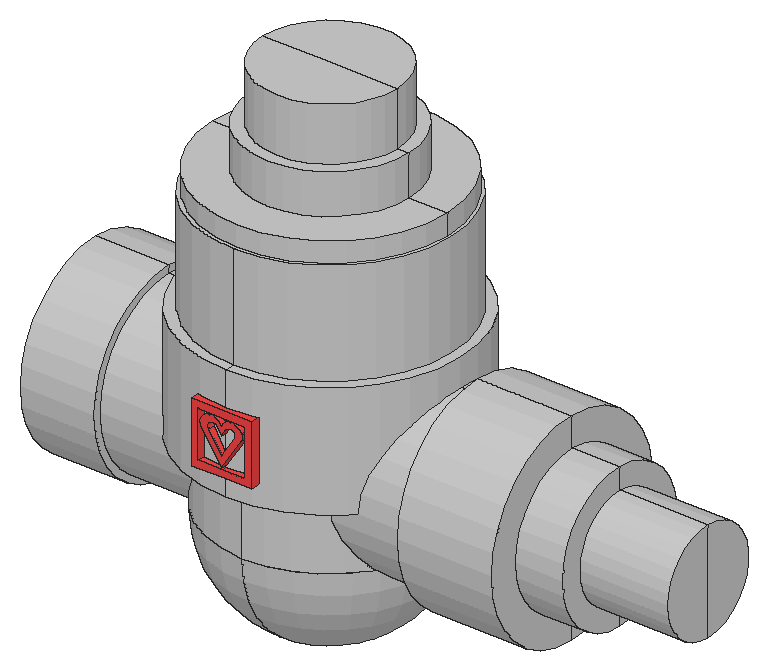
Revit family "RL-1-E Rücklaufventil DG 3723", category Rohrzubehör, Revit 2019
Family settings
  Bemaßung runder Anschluss = Durchmesser verwenden
  Teiletyp = Unterbricht
  OmniClass-Nummer = 23.65.55.14
  OmniClass-Titel = Valves for Liquid Services
  Arbeitsebenenbasiert = Nein
  Immer vertikal = Nein
  Beim Laden mit Abzugskörper schneiden = Nein
  Gemeinsam genutzt = Nein
Parameters
  URL = "www.herz-armaturen.at"
  Spindelabdichtung = "Doppel-O-Ring"  # constant formula
  Sitzdichtung = "weichdichtend"  # constant formula
  SCRNSEQ = "ARM;ARM_TYP=\"ALLF\";2"
  SCRNCODE = "05;01;02"  # constant formula
  S04 = 45.000 mm  # constant formula
  S03 = 61.000 mm  # constant formula
  S02 [instance] = L05 + L06 + L07  # 56.300 mm
  S01 = 10.000 mm  # constant formula
  R06 = 10.000 mm  # constant formula
  R05 = 11.750 mm  # constant formula
  R04 = 17.500 mm  # constant formula
  R03 = 16.500 mm  # constant formula
  R02 = 19.500 mm  # constant formula
  R01 = 18.000 mm  # constant formula
  Nennweite [instance] = 15.000 mm
  Medium = "Heizwasserqualität entsprechend ÖNORM H 5195 bzw. VDI-Richtllinie 2035."
  Max.Betriebstemperatur = 120 °C  # constant formula
  Max.Betriebsdruck = 1000000.0 Pa  # constant formula
  LO1 = 3.000 mm  # constant formula
  LO2 = 19.500 mm  # constant formula
  L07 [instance] = size_lookup("3723_1E_", "L7", 1.000 mm, Nennweite)  # 20.300 mm
  L06 [instance] = size_lookup("3723_1E_", "L6", 1.000 mm, Nennweite)  # 14.000 mm
  L05 [instance] = L02 - L04  # 22.000 mm
  L04 [instance] = size_lookup("3723_1E_", "L4", 1.000 mm, Nennweite)  # 11.000 mm
  L03 [instance] = size_lookup("3723_1E_", "L3", 1.000 mm, Nennweite)  # 11.000 mm
  L02 [instance] = size_lookup("3723_1E_", "L2", 1.000 mm, Nennweite)  # 33.000 mm
  L01 [instance] = size_lookup("3723_1E_", "L1", 1.000 mm, Nennweite)  # 35.000 mm
  Hersteller = "HERZ Armaturen Ges.m.b.H."  # constant formula
  H6 = 8.000 mm  # constant formula
  H07 = 14.000 mm  # constant formula
  H05 = 17.000 mm  # constant formula
  H04 [instance] = H02 - H03  # 17.000 mm
  H03 = 15.500 mm  # constant formula
  H02 [instance] = 32.500 mm  # constant formula
  H01 [instance] = 26.000 mm  # constant formula
  Gehäuse = "vernickelt"  # constant formula
  GTI [instance] = size_lookup("3723_1E_", "GT1", 1.000 mm, Nennweite)  # 13.200 mm
  GT [instance] = size_lookup("3723_1E_", "GT", 1.000 mm, Nennweite)  # 12.000 mm
  G2 [instance] = Nennweite / 2  # 7.500 mm
  G1 [instance] = Nennweite / 2  # 7.500 mm
  D05 [instance] = size_lookup("3723_1E_", "D5", 1.000 mm, Nennweite)  # 10.650 mm
  D04 [instance] = size_lookup("3723_1E_", "D4", 1.000 mm, Nennweite)  # 15.000 mm
  D03 [instance] = size_lookup("3723_1E_", "D3", 1.000 mm, Nennweite)  # 9.525 mm
  D02 [instance] = size_lookup("3723_1E_", "D2", 1.000 mm, Nennweite)  # 13.000 mm
  D01 [instance] = size_lookup("3723_1E_", "D1", 1.000 mm, Nennweite)  # 14.000 mm
  Bestellnummer [instance] = size_lookup("3723_1E_", "Artnr", 0, Nennweite)  # 1372301
  Ausführungen = "Standardmodelle mit Gewindemuffen in vernickelter Ausführung"
  Anwendungsgebiet = "Wasserheizungsanlagen. Durch den Einbau des Rücklaufventils ist der Heizkörper-Rücklaufanschluß absperrbar. Dadurch kann bei gleichzeitiger Absperrung des Vorlaufventils der Heizkörper bei unter Druck stehender Anlage demontiert werden."
Reference planes
  plane 1 "Mitte (Vorne/hinten)": y = 0
  plane 2: z = 0
  plane 3 "Mitte (Links/rechts)": x = 0
Forms (mm)
  Revolve 1, solid, material "Messing, weicher Gelbton, geschweißt", detail levels fine
    sketch origin (0, 0, 0) x (1, 0, 0) y (0, 0, 1)
      loop
        line (-23, 0) -> (33, 0) -> (33, 9.525) -> (22, 9.525) -> (22, 13) -> (-24, 13) -> (-24, 14) -> (-35, 14) -> (-35, 7.5) -> (-23, 7.5) -> (-23, 0)
      axis (-35, 0) -> (33, 0)
    angle from 0 to 360
  Revolve 2, solid, material "Messing, weicher Gelbton, geschweißt", detail levels fine
    sketch origin (0, 0, 0) x (0, 1, 0) y (0, 0, 1)
      loop
        line (0, 32.5) -> (-18, 32.5) -> (-18, 17) -> (-19.5, 17) -> (-19.5, 0) -> (-16.5, 0) -> (-16.5, -9.5)
        arc (-16.5, -9.5) -> (-11.667, -21.167) -> (0, -26) r 16.5
        line (0, -26) -> (0, 32.5)
      axis (0, -26) -> (0, 32.5)
    angle from 0 to 360
  Revolve 3, solid, material "Messing, weicher Gelbton, geschweißt", detail levels fine
    sketch origin (0, 0, 0) x (1, 0, 0) y (0, 0, 1)
      loop
        line (33, 0) -> (56.3, 0) -> (56.3, 7.5) -> (43.1, 7.5) -> (43.1, 10.65) -> (36, 10.65) -> (36, 15) -> (22, 15) -> (22, 9.525) -> (33, 9.525) -> (33, 0)
      axis (22, 0) -> (56.3, 0)
    angle from 0 to 360
  Revolve 4, solid, material "Messing, weicher Gelbton, geschweißt", detail levels medium+fine
    sketch origin (0, 0, 0) x (1, 0, 0) y (0, 0, 1)
      loop
        line (0, 32.5) -> (0, 49.5) -> (-10, 49.5) -> (-10, 41.5) -> (-11.75, 41.5) -> (-11.75, 35.5) -> (-17.5, 35.5) -> (-17.5, 32.5) -> (0, 32.5)
      axis (0, 49.5) -> (0, 32.5)
    angle from 0 to 360
Lines and regions (mm)
  model lines, detail levels coarse+medium
    curve 1: line (-35, 0, 14) -> (-35, 0, -14)
    curve 2: line (-35, 0, -14) -> (35, 0, 14)
    curve 3: line (35, 0, 14) -> (35, 0, -14)
    curve 4: line (35, 0, -14) -> (-35, 0, 14)
    curve 5: line (35, 0, 14) -> (45, 0, 14)
    curve 6: line (45, 0, 14) -> (35, 0, 0)
    curve 7: line (35, 0, -14) -> (45, 0, -14)
    curve 8: line (45, 0, -14) -> (35, 0, 0)
    curve 9: line (35, 0, 0) -> (56.3, 0, 0)
    curve 10: line (-35, 14, 0) -> (-35, -14, 0)
    curve 11: line (-35, -14, 0) -> (35, 14, 0)
    curve 12: line (35, 14, 0) -> (35, -14, 0)
    curve 13: line (35, -14, 0) -> (-35, 14, 0)
    curve 14: line (35, 14, 0) -> (45, 14, 0)
    curve 15: line (45, 14, 0) -> (35, 0, 0)
    curve 16: line (35, -14, 0) -> (45, -14, 0)
    curve 17: line (45, -14, 0) -> (35, 0, 0)
Dimensions and locks
  "L01": Revolve 1 sketch curve to plane 3 "Mitte (Links/rechts)"
  "L02": Revolve 1 sketch curve to plane 3 "Mitte (Links/rechts)"
  "G1": Revolve 1 sketch curve to plane 2
  "GT": Revolve 1 sketch curve to Revolve 1 sketch curve
  "D01": Revolve 1 sketch curve to Revolve 1 sketch curve
  "D02": Revolve 1 sketch curve to Revolve 1 sketch curve
  "D03": Revolve 1 sketch curve to Revolve 1 sketch curve
  "L03": Revolve 1 sketch curve to Revolve 1 sketch curve
  "L04": Revolve 1 sketch curve to Revolve 1 sketch curve
  "H02": Revolve 2 sketch curve to plane 2
  "D03": Revolve 3 sketch curve to plane 2
  "L04": Revolve 3 sketch curve to Revolve 3 sketch curve
  "L05": Revolve 3 sketch curve to plane 3 "Mitte (Links/rechts)"
  "L06": Revolve 3 sketch curve to Revolve 3 sketch curve
  "L07": Revolve 3 sketch curve to Revolve 3 sketch curve
  "D04": Revolve 3 sketch curve to Revolve 3 sketch curve
  "G2": Revolve 3 sketch curve to Revolve 3 sketch curve
  "D05": Revolve 3 sketch curve to Revolve 3 sketch curve
  "GTI": Revolve 3 sketch curve to Revolve 3 sketch curve
  "LO1": nested 1 to plane 2
  "D01": curve 4 to plane 2 to curve 2
  "D01": curve 3 to plane 2 to curve 4
  "L01": curve 1 to plane 3 "Mitte (Links/rechts)" to curve 3
  "S01": curve 3 to curve 6
  "S02": curve 9 to plane 3 "Mitte (Links/rechts)"
  "L01": curve 10 to plane 3 "Mitte (Links/rechts)" to curve 12
  "D01": curve 11 to plane 1 "Mitte (Vorne/hinten)" to curve 13
  "D01": curve 13 to plane 1 "Mitte (Vorne/hinten)" to curve 12
  "S01": curve 12 to curve 15
  "S01": curve 12 to curve 17
  "H03": Revolve 2 sketch curve to Revolve 2 sketch curve
  "R02": Revolve 2 sketch curve to Revolve 2 sketch curve
  "R01": Revolve 2 sketch curve to Revolve 2 sketch curve
  "H04": Revolve 2 sketch curve to Revolve 2 sketch curve
  "H01": plane 2 to Revolve 2 sketch curve
  "LO2": nested 1 to plane 1 "Mitte (Vorne/hinten)"
  "H05": Revolve 4 sketch curve to Revolve 2
  "H02": Revolve 4 sketch curve to plane 2
  "H6": Revolve 4 sketch curve to Revolve 4 sketch curve
  "H07": Revolve 4 sketch curve to Revolve 4 sketch curve
  "R06": Revolve 4 sketch curve to Revolve 4 sketch curve
  "R05": Revolve 4 sketch curve to Revolve 4 sketch curve
  "R04": Revolve 4 sketch curve to Revolve 4 sketch curve
  "R03": radius of Revolve 2 sketch curve
  aligned and locked: level to plane 2
Automatic sketch dimensions
  curve 9 to level = 0.000 mm
  curve 3 to curve 8 = 10.000 mm
  plane 1 "Mitte (Vorne/hinten)" to curve 17 = 0.000 mm
  Revolve 1 sketch curve to level = 0.000 mm  (x2)
  Revolve 1 sketch curve to Revolve 1 sketch curve = 1436.530 mm
  Revolve 1 sketch curve to Revolve 1 sketch curve = 1779.148 mm
  Revolve 2 sketch curve to plane 1 "Mitte (Vorne/hinten)" = 0.000 mm  (x2)
  Revolve 2 sketch curve to Revolve 2 sketch curve = 0.000 mm
  Revolve 2 sketch curve to Revolve 2 sketch curve = 1236.335 mm
  Revolve 3 sketch curve to level = 0.000 mm  (x2)
  Revolve 3 sketch curve to plane 3 "Mitte (Links/rechts)" = 1506.530 mm
  Revolve 3 sketch curve to Revolve 3 sketch curve = 1789.648 mm
  Revolve 4 sketch curve to plane 3 "Mitte (Links/rechts)" = 0.000 mm  (x2)
  Revolve 4 sketch curve to level = 366.045 mm
  Revolve 4 sketch curve to Revolve 4 sketch curve = 2164.815 mm
Nested families
  nested 1: "Herz-Logo-vorne" at (0, -19.5, 7.5) x (0, 1, 0) z (0, 0, 1), type "Herz-Logo-vorne", detail levels fine
Connectors
  piping at (-23, 0, 0), diameter 15, driven by "Nennweite"
    settings: on Revolve 1, index 1, connector inside diameter 609.6 mm, connector length 0.000 mm, flow factor 0, pipe flow 0.0 L/s, pressure drop 0.0 Pa, fitting loss kfactor 0, connector angle 0.00°, fixture units 0, engagement length 0.000 mm, angle of deflection 0.00°, flow configuration 0, flow direction 1, fitting loss method 0, system type 8, joint type 0, gender type 0, connector reference index -1, connector utility 0, adjustable connector no, is connector primary yes, connector description ""
  piping at (56.3, 0, 0), diameter 15, driven by "Nennweite"
    settings: on Revolve 3, index 2, connector inside diameter 609.6 mm, connector length 0.000 mm, flow factor 0, pipe flow 0.0 L/s, pressure drop 0.0 Pa, fitting loss kfactor 0, connector angle 0.00°, fixture units 0, engagement length 0.000 mm, angle of deflection 0.00°, flow configuration 0, flow direction 2, fitting loss method 0, system type 8, joint type 0, gender type 0, connector reference index -1, connector utility 0, adjustable connector no, is connector primary no, connector description ""
Definition of nested family "Herz-Logo-vorne"
  Reference planes
    plane 1 "Mitte (Vorne/hinten)": y = 0
    plane 2: z = 0
    plane 3 "Mitte (Links/rechts)": x = 0
  Forms (mm)
    Extrusion 1, solid
      sketch origin (0.732, -0.018, 0.017) x (0, -1, 0) y (0, 0, 1)
        loop
          line (-0.018, -4.517) -> (4.482, -4.517) -> (4.482, 4.483) -> (-4.518, 4.483) -> (-4.518, -4.517) -> (-0.018, -4.517)
        loop
          line (-0.05, -3.48) -> (3.482, -3.48) -> (3.482, 3.483) -> (-3.518, 3.483) -> (-3.518, -3.48) -> (-0.05, -3.48)
        loop
          arc (-0.018, 2.383) -> (-1.543, 3.287) -> (-3.067, 2.383) r 1.738
          arc (-3.067, 2.383) -> (-3.191, 1.899) -> (-3.067, 1.415) r 1.009
          line (-3.067, 1.415) -> (-0.018, -3.281) -> (3.032, 1.415)
          arc (3.032, 1.415) -> (3.156, 1.899) -> (3.032, 2.383) r 1.009
          arc (3.032, 2.383) -> (1.507, 3.287) -> (-0.018, 2.383) r 1.738
        loop
          arc (1.885, 1.272) -> (2.005, 1.675) -> (1.885, 2.079) r 0.74
          arc (1.885, 2.079) -> (1.265, 2.416) -> (0.644, 2.079) r 0.74
          line (0.644, 2.079) -> (-0.018, 0.97) -> (-0.679, 2.079)
          arc (-0.679, 2.079) -> (-1.3, 2.416) -> (-1.921, 2.079) r 0.74
          arc (-1.921, 2.079) -> (-2.04, 1.675) -> (-1.921, 1.272) r 0.74
          line (-1.921, 1.272) -> (-0.018, -1.658) -> (1.885, 1.272)
      from 0 to 1.5
  Dimensions and locks
    aligned and locked: level to plane 2
